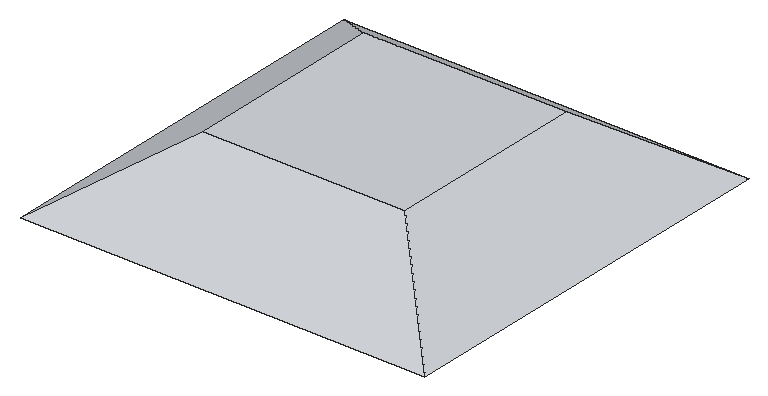
Revit family "M_Supply Diffuser", category Air Terminals, Revit 2023
Family settings
  Round Connector Dimension = Use Diameter
  Part Type = Normal
  OmniClass Number = 23.75.70.21.27.11
  OmniClass Title = Diffusers, Registers, and Grilles
  Work Plane-Based = No
  Always vertical = Yes
  Cut with Voids When Loaded = No
  Shared = No
  Room Calculation Point = No
Parameters (values of type "600 x 600 Face 300 x 300 Connection")
  Width 1 = Diffuser Width * 0.65  # 390 mm
  Duct Width = 300 mm
  Duct Height = Duct Width  # 300 mm
  Diffuser Width = 600 mm
  UpArrow [instance] = yes
  Pressure Drop [instance] = 14.0 Pa
  RightArrow [instance] = yes
  LeftArrow [instance] = yes
  Flow [instance] = 235.0 L/s
  DownArrow [instance] = yes
  Diffuser Height = Diffuser Width  # 600 mm
  Default Elevation = 0 mm
  Assembly Code = ""
Reference planes
  plane 1 "Center (Front/Back)": y = 0
  plane 2: z = 0
  plane 3 "Center (Left/Right)": x = 0
Forms (mm)
  Blend 1, solid
    base sketch origin (0, 0, 0) x (1, 0, 0) y (0, 1, 0)
      loop
        line (-300, 300) -> (-300, -300) -> (300, -300) -> (300, 300) -> (-300, 300)
    top sketch origin (0, 0, 0) x (1, 0, 0) y (0, 1, 0)
      loop
        line (-150, 150) -> (-150, -150) -> (150, -150) -> (150, 150) -> (-150, 150)
    from 0 to 101.6
Lines and regions (mm)
  symbolic lines, style "DuctTerminal"
    curve 1: line (-300, -300, 0) -> (300, 300, 0)
    curve 2: line (-300, 300, 0) -> (300, 300, 0)
    curve 3: line (300, 300, 0) -> (300, -300, 0)
    curve 4: line (300, -300, 0) -> (-300, -300, 0)
    curve 5: line (-300, 300, 0) -> (-300, -300, 0)
  symbolic lines
    curve 6: line (-300, 300, 0) -> (300, -300, 0)
Dimensions and locks
  equal spacing: Blend 1 sketch curve, plane 3 "Center (Left/Right)", Blend 1 sketch curve  (x2)
  "Diffuser Width": Blend 1 sketch curve to Blend 1 sketch curve
  equal spacing: Blend 1 sketch curve, plane 1 "Center (Front/Back)", Blend 1 sketch curve  (x2)
  "Diffuser Height": Blend 1 sketch curve to Blend 1 sketch curve
  "Duct Width": Blend 1 sketch curve to Blend 1 sketch curve
  "Duct Height": Blend 1 sketch curve to Blend 1 sketch curve
  "Width 1": nested 1 to plane 3 "Center (Left/Right)"
  "Width 1": nested 2 to plane 1 "Center (Front/Back)"
  "Width 1": plane 3 "Center (Left/Right)" to nested 3
  "Width 1": nested 4 to plane 1 "Center (Front/Back)"
  aligned and locked: Blend 1 to curve 1
  aligned and locked: curve 5 to Blend 1
  aligned and locked: curve 2 to Blend 1
  aligned and locked: curve 3 to Blend 1
  aligned and locked: nested 1 to plane 1 "Center (Front/Back)"
  aligned and locked: plane 3 "Center (Left/Right)" to nested 2
  aligned and locked: nested 4 to plane 3 "Center (Left/Right)"
  aligned and locked: plane 1 "Center (Front/Back)" to nested 3
Nested families
  nested 1: "M_Duct Terminal Arrow" at (-390, 0, 0) x (-1, 0, 0) z (0, 0, 1), visible <- "LeftArrow", type "Duct Terminal Arrow"
  nested 2: "M_Duct Terminal Arrow" at (0, 390, 0) x (0, 1, 0) z (0, 0, 1), visible <- "UpArrow", type "Duct Terminal Arrow"
  nested 3: "M_Duct Terminal Arrow" at (390, 0, 0), visible <- "RightArrow", type "Duct Terminal Arrow"
  nested 4: "M_Duct Terminal Arrow" at (0, -390, 0) x (0, -1, 0) z (0, 0, 1), visible <- "DownArrow", type "Duct Terminal Arrow"
Connectors
  hvac at (0, 0, 101.6), driven by "Duct Width", driven by "Duct Width", driven by "Flow", driven by "Pressure Drop"
    settings: on Blend 1, index 0, duct flow 235.0 L/s, flow factor 0, pres drop 14.0 Pa, loss coef 0, conn angle 0.00°, conn width 300 mm, conn height 300 mm, conn diameter 609.6 mm, duct sys type 1, conn prof type 1, flow config 1, flow direction 1, loss method 4, conn ref index -1, conn util no, is conn primary yes, conn desc ""
Definition of nested family "M_Duct Terminal Arrow"
  Parameters
    Width = (Length / 2) / cos(15.00°)  # 25.882 mm
    Length = 50 mm
  Reference planes
    plane 1 "Center (Front/Back)": y = 0
    plane 2: z = 0
    plane 3 "Center (Left/Right)": x = 0
  Lines and regions (mm)
    Filled region 1, type "Concrete Block", in view "Ref. Level"
      outline origin (0, 0, 0) x (1, 0, 0) y (0, 1, 0)
        loop
          line (25, 6.699) -> (25, -6.699) -> (50, 0) -> (25, 6.699)
    detail lines, in view "Ref. Level"
      curve 1: line (0, 0, 0) -> (50, 0, 0)
      curve 2: line (50, 0, 0) -> (25, 6.699, 0)
      curve 3: line (50, 0, 0) -> (25, -6.699, 0)
      curve 4: line (25, 6.699, 0) -> (25, -6.699, 0)
  Dimensions and locks
    "Length": curve 1 to curve 1
    "Width": curve 2 to curve 2
    "Width": curve 3 to curve 3
    locked: curve 2 to curve 1 (angle 15.00°)
    locked: curve 1 to curve 3 (angle 15.00°)
    aligned and locked: plane 3 "Center (Left/Right)" to curve 1
    aligned and locked: plane 1 "Center (Front/Back)" to curve 1
    aligned and locked: Filled region 1 sketch curve to curve 4
    aligned and locked: Filled region 1 sketch curve to curve 2
    aligned and locked: Filled region 1 sketch curve to curve 3
